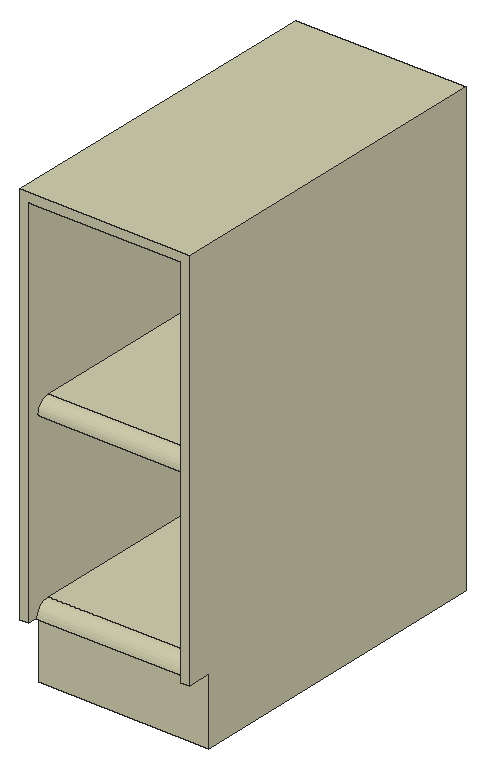
Revit family "Wenger Cabinet 56", category Furniture, Revit 2011
Parameters (values of type "Standard Cabinet #56")
  URL = "http://www.wengercorp.com/Home/Contact.html"
  Toekick Material [instance] = none
  RH End Panel [instance] = no
  Model = "56"
  Manufacturer = "Wenger Corporation"
  LH End Panel [instance] = no
  End Panel Material [instance] = none
  Edge Banding Material [instance] = none
  Door Material [instance] = none
  Description = "Standard Cabinet #56"
  Cabinet Width = 1' - 2 3/8"
  Cabinet Label = Labels : Standard
  Cabinet Height = 3' - 2 5/16"
  Cabinet Depth = 2' - 5 1/4"
  Cabinet Back Thickness = 0' - 0 3/4"
  Assembly Code = ""
Types (4): name | Model | Description | Cabinet Width | Cabinet Label | Cabinet Depth | Cabinet Back Thickness
  Standard Cabinet #56 | "56" | "Standard Cabinet #56" | 1' - 2 3/8" | Labels : Standard | 2' - 5 1/4" | 0' - 0 3/4"
  Acoustic Cabinet #56 | "56A" | "Acoustic Cabinet #56" | 1' - 2 3/8" | Labels : Acoustic | 2' - 7 3/4" | 0' - 3 1/4"
  Narrow Acoustic Cabinet #56 | "56NA" | "Narrow Acoustic Cabinet #56" | 0' - 11 3/8" | Labels : Narrow Acoustic | 2' - 7 3/4" | 0' - 3 1/4"
  Narrow Cabinet #56 | "56N" | "Narrow Cabinet #56" | 0' - 11 3/8" | Labels : Narrow | 2' - 5 1/4" | 0' - 0 3/4"
Reference planes (in)
  plane 1 "Front": y = 0
  plane 2: z = 0
  plane 3 "Left": x = 0
  plane 4 "Right": x = 14.375
  plane 5 "Back": y = 29.25
  plane 6 "Top": z = 38.3125
  plane 7: z = 5.625
  plane 8: z = 21.03125
  plane 9: x = 0.75
  plane 10: x = 13.625
  plane 11: z = 37.5625
  plane 12: y = 28.5
  plane 13: y = 2
  plane 14: y = 0.75
  plane 15: z = 22.15625
  plane 16: z = 6.75
Forms (in)
  Extrusion 1, solid, material "Wenger - Oyster"
    sketch origin (0, 0, 0) x (0, 1, 0) y (0, 0, 1)
      loop
        line (0, 38.3125) -> (0, 5.625) -> (2, 5.625) -> (2, 0) -> (29.25, 0) -> (29.25, 38.3125) -> (0, 38.3125)
    from 0 to 14.375
  Extrusion 2, void
    sketch origin (0, 0, 0) x (0, 1, 0) y (0, 0, 1)
      loop
        line (0, 37.5625) -> (0, 5.625) -> (0.73621, 5.625)
        arc (0.73621, 5.625) -> (1.15605, 6.42816) -> (2.00325, 6.75) r 1.276
        line (2.00325, 6.75) -> (28.5, 6.75) -> (28.5, 21.03125) -> (0.875, 21.03125)
        arc (0.875, 21.03125) -> (1.2045, 21.82675) -> (2, 22.15625) r 1.125
        line (2, 22.15625) -> (28.5, 22.15625) -> (28.5, 37.5625) -> (0, 37.5625)
    from 0.75 to 13.625
Cuts and joins
  Extrusion 2 cuts Extrusion 1
Lines and regions (in)
  symbolic lines
    curve 1: line (0, 29.25, 0) -> (14.375, 29.25, 0)
    curve 2: line (0, 0, 0) -> (0, 29.25, 0)
    curve 3: line (14.375, 0, 0) -> (0, 0, 0)
    curve 4: line (14.375, 29.25, 0) -> (14.375, 0, 0)
Text (in)
  text "01" at (13.28235, 0, 97.09414), in view "Front"
Dimensions and locks (in)
  locked: plane 3 "Left" to plane 9 at 0.75
  locked: plane 10 to plane 4 "Right" at 0.75
  "Cabinet Back Thickness": plane 5 "Back" to plane 12
  locked: plane 1 "Front" to plane 14 at 0.75
  locked: plane 1 "Front" to plane 13 at 2
  locked: plane 15 to plane 8 at 1.125
  locked: plane 6 "Top" to plane 11 at 0.75
  locked: plane 16 to plane 7 at 1.125
  plane 10 to plane 3 "Left" = 1' - 1 5/8"
  "Cabinet Width": plane 3 "Left" to plane 4 "Right"
  locked: plane 7 to level at 5.625
  "Cabinet Height": plane 6 "Top" to level
  "Cabinet Depth": plane 1 "Front" to plane 5 "Back"
  plane 9 to plane 10 = 1' - 0 7/8"
  plane 11 to plane 7 = 2' - 7 15/16"
  equal spacing: plane 11, plane 15, plane 16
  aligned and locked: Extrusion 1 sketch curve to plane 6 "Top"
  aligned and locked: Extrusion 1 sketch curve to plane 5 "Back"
  aligned and locked: Extrusion 1 sketch curve to plane 1 "Front"
  aligned and locked: Extrusion 1 sketch curve to plane 7
  aligned and locked: Extrusion 1 sketch curve to plane 13
  aligned and locked: Extrusion 1 sketch curve to level
  aligned and locked: Extrusion 1 to plane 4 "Right"
  aligned and locked: Extrusion 1 to plane 3 "Left"
  aligned and locked: plane 3 "Left" to curve 2
  aligned and locked: curve 1 to plane 5 "Back"
  aligned and locked: plane 4 "Right" to curve 4
  aligned and locked: curve 3 to plane 1 "Front"
  aligned and locked: Extrusion 2 to plane 10
  aligned and locked: Extrusion 2 to plane 9
Automatic sketch dimensions
  Extrusion 2 sketch curve to plane 1 "Front" = 0' - 0"
  plane 14 to Extrusion 2 sketch curve = 0' - 0.01379"
  Extrusion 2 sketch curve to plane 8 = 0' - 0"
  Extrusion 2 sketch curve to plane 13 = 0' - 0"
  Extrusion 2 sketch curve to plane 13 = 0' - 0.00325"
  Extrusion 2 sketch curve to plane 12 = 0' - 0"  (x2)
  Extrusion 2 sketch curve to plane 16 = 0' - 0"
  Extrusion 2 sketch curve to plane 15 = 0' - 0"
  Extrusion 2 sketch curve to plane 11 = 0' - 0"
  plane 7 to Extrusion 2 sketch curve = 0' - 0"
Nested families (in)
  nested 1: "LH End Panel" at (0, 14.25, 0) x (0, -1, 0) z (0, 0, 1), End Panel Material <- "End Panel Material", visible <- "LH End Panel", Edge Banding Material <- "Edge Banding Material", type "20x84 LH"
    with End Panel Material none, Edge Banding Material none, End Panel Height 3' - 2 5/16", End Panel Depth 2' - 5 1/4"
  nested 2: "RH End Panel" at (15.125, 14.25, 0) x (0, -1, 0) z (0, 0, 1), End Panel Material <- "End Panel Material", visible <- "RH End Panel", Edge Banding Material <- "Edge Banding Material", type "20x84 RH"
    with End Panel Material none, Edge Banding Material none, End Panel Height 3' - 2 5/16", End Panel Depth 2' - 5 1/4"
  nested 3: "Labels" at (7.08333, 13.98211, 0) x (0, 1, 0) z (0, 0, 1), type <- "Cabinet Label", type "Standard"
  nested 4: "Front Note" at (6.53977, 0.75, 0), type "Front Note", detail levels medium+fine
Definition of nested family "LH End Panel"
  Parameters (values of type "20x84 LH")
    End Panel Material [instance] = none
    End Panel Height = 7' - 1 5/8"
    End Panel Depth = 1' - 7 1/4"
    Edge Banding Material [instance] = none
    Default Elevation = 4' - 0"
    Assembly Code = ""
  Reference planes (in)
    plane 1 "Center (Front/Back)": y = 0
    plane 2: z = 0
    plane 3 "Center (Left/Right)": x = 0
    plane 4: x = -15
    plane 5: x = 4.25
    plane 6: z = 5.625
    plane 7: x = 2.25
    plane 8: z = 85.625
    plane 9: y = -0.75
  Forms (in)
    Extrusion 1, solid, material <- "End Panel Material"
      sketch origin (0, 0, 0) x (1, 0, 0) y (0, 0, 1)
        loop
          line (-15, 85.625) -> (-15, 0) -> (2.25, 0) -> (2.25, 5.625) -> (4.25, 5.625) -> (4.25, 85.625) -> (-15, 85.625)
      from 0 to 0.75
  Dimensions and locks (in)
    locked: plane 7 to plane 5 at 2
    locked: plane 6 to level at 5.625
    "End Panel Height": plane 8 to level
    "End Panel Depth": plane 5 to plane 4
    locked: plane 9 to plane 1 "Center (Front/Back)" at 0.75
    aligned and locked: plane 4 to Extrusion 1 sketch curve
    aligned and locked: level to Extrusion 1 sketch curve
    aligned and locked: plane 7 to Extrusion 1 sketch curve
    aligned and locked: plane 6 to Extrusion 1 sketch curve
    aligned and locked: Extrusion 1 sketch curve to plane 5
    aligned and locked: Extrusion 1 sketch curve to plane 8
    aligned and locked: Extrusion 1 to plane 9
    aligned and locked: Extrusion 1 to plane 1 "Center (Front/Back)"
Definition of nested family "RH End Panel"
  Parameters (values of type "20x84 RH")
    End Panel Material [instance] = none
    End Panel Height = 7' - 1 5/8"
    End Panel Depth = 1' - 7 1/4"
    Edge Banding Material [instance] = none
    Default Elevation = 4' - 0"
    Assembly Code = ""
  Reference planes (in)
    plane 1 "Center (Front/Back)": y = 0
    plane 2: z = 0
    plane 3 "Center (Left/Right)": x = 0
    plane 4: x = -15
    plane 5: x = 4.25
    plane 6: z = 5.625
    plane 7: x = 2.25
    plane 8: z = 85.625
    plane 9: y = -0.75
  Forms (in)
    Extrusion 1, solid, material <- "End Panel Material"
      sketch origin (0, 0, 0) x (1, 0, 0) y (0, 0, 1)
        loop
          line (-15, 85.625) -> (-15, 0) -> (2.25, 0) -> (2.25, 5.625) -> (4.25, 5.625) -> (4.25, 85.625) -> (-15, 85.625)
      from 0 to 0.75
  Dimensions and locks (in)
    locked: plane 7 to plane 5 at 2
    locked: plane 6 to level at 5.625
    "End Panel Height": plane 8 to level
    "End Panel Depth": plane 5 to plane 4
    locked: plane 9 to plane 1 "Center (Front/Back)" at 0.75
    aligned and locked: plane 4 to Extrusion 1 sketch curve
    aligned and locked: level to Extrusion 1 sketch curve
    aligned and locked: plane 7 to Extrusion 1 sketch curve
    aligned and locked: plane 6 to Extrusion 1 sketch curve
    aligned and locked: Extrusion 1 sketch curve to plane 5
    aligned and locked: Extrusion 1 sketch curve to plane 8
    aligned and locked: Extrusion 1 to plane 9
    aligned and locked: Extrusion 1 to plane 1 "Center (Front/Back)"
Definition of nested family "Labels"
  Parameters (values of type "Standard")
    Cabinet Label = "01"
  Types (4): name | Cabinet Label
    Standard | "01"
    Narrow | "01N"
    Narrow Acoustic | "01NA"
    Acoustic | "01A"
  Reference planes (in)
    plane 1: y = 0
    plane 2: x = 0
  Text (in)
    label "xxxx" at (-0.00018, 0.00754, 0), shows "Cabinet Label"
Definition of nested family "Front Note"
  Parameters (values of type "Front Note")
    Cabinet Label = "Front"
  Reference planes (in)
    plane 1: y = 0
    plane 2: x = 0
  Text (in)
    label "Front" at (-0.00018, 0.00754, 0), shows "Cabinet Label"
